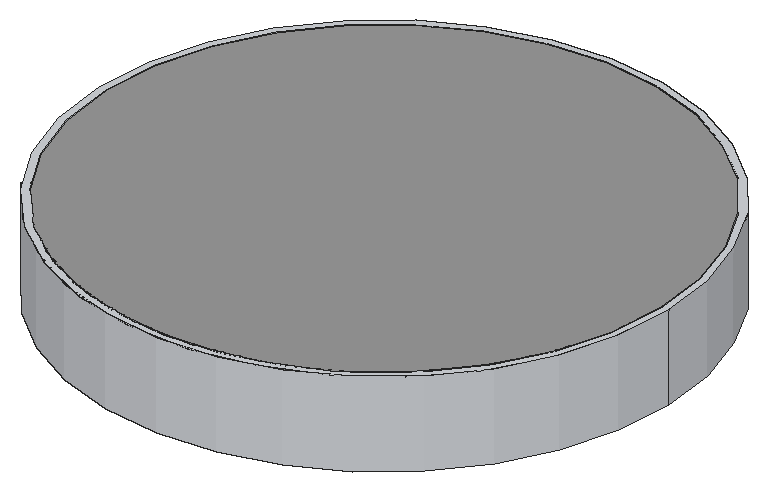
Revit family "2071107", category Lighting Fixtures, host Face, Revit 2018
Family settings
  Host = Face
  Round Connector Dimension = Use Diameter
  Part Type = Normal
  OmniClass Number = 23.80.70.00
  OmniClass Title = Lighting
  Cut with Voids When Loaded = No
  Light Source = Yes
  Shared = No
  Room Calculation Point = No
Parameters (values of type "2071107 COLOSSAL 400 830 PR DIR WHT EM")
  iner diameter = 390 mm
  Weight = "n/a"
  Wattage Comments = ""
  Wattage = 30 W
  WarrantyStartDate [instance] = "n/a"
  WarrantyGuarantorParts = "n/a"
  WarrantyDurationUnit = "n/a"
  WarrantyDurationParts = ""
  WarrantyDescription = "http://www.sylvania-lighting.com"
  built-in parameter 1150110 = 1 (stored number, unit not read)
  Voltage = 230 V
  URL = "0.93"
  TypeName = "COLOSSAL 400mm 830 PRISM DIR WHITE EM"
  Type Image = <None>
  Type Comments = "n/a"
  built-in parameter 1114217 = 1 (stored number, unit not read)
  Tilt Angle = -90.00°
  built-in parameter 1150109 = 1 (stored number, unit not read)
  built-in parameter 1150134 = (empty or 0)
  built-in parameter 1150113 = 1 (stored number, unit not read)
  SerialNumber [instance] = "n/a"
  Photometric Web File = "2071107.ies"
  Material_3_SYL = LED-Sylvania
  PowerFactor = 0
  PowerConsumption = "Lighting"
  NominalLength = 400 mm
  NominalHeight = 93 mm
  NominalDepth = 400 mm
  Name = "COLOSSAL 400mm 830 PRISM DIR WHITE EM"
  ModelReference = Name  # "COLOSSAL 400mm 830 PRISM DIR WHITE EM"
  ModelNumber = "2071107"
  Model = Name  # "COLOSSAL 400mm 830 PRISM DIR WHITE EM"
  Material = "Feilo Sylvania"
  ManufacturerName = "113 lm/W"
  Manufacturer = ""
  LuminousEfficacy = ""
  built-in parameter 1150105 = 270.44 (stored number, unit not read)
  Lumens = 3398.4 lm
  LuminaireType = "0"
  built-in parameter 1150115 = 1 (stored number, unit not read)
  LightOutputRatio = "LED"
  built-in parameter 1150137 = (empty or 0)
  built-in parameter 1150139 = (empty or 0)
  LampsType = Lamp  # "n/a"
  LampNominalLuminous = "3000 K"
  LampMacAdamStep = "80"
  LampColourTemperature = "LED"
  LampColourRenderingIndex = "16500"
  built-in parameter 1150112 = 1 (stored number, unit not read)
  built-in parameter 1150114 = 1 (stored number, unit not read)
  Lamp = "n/a"
  Keynote = "n/a"
  InstallationDate [instance] = "n/a"
  InputVoltage = "0"
  InputNominalFrequency = "3000"
  built-in parameter 1150132 = (empty or 0)
  built-in parameter 1150102 = (empty or 0)
  built-in parameter 1150107 = 3000 (stored number, unit not read)
  built-in parameter 1150138 = (empty or 0)
  IngressProtection = "IfcLightFixtureType"
  ImpactProtectionIndex = "IfcLightFixtureType"
  built-in parameter 1150106 = 2.7044 (stored number, unit not read)
  IfcExportType = "IfcLightFixtureType"
  IfcExportAs = "Class I"
  Emit from Circle Diameter = 385 mm
  Emit Shape Visible in Rendering = no
  ElectricShockClassification = "113"
  built-in parameter 1150104 = 10.524 (stored number, unit not read)
  DocumentationLiterature = "http://www.sylvania-lighting.com/product/en-int/products/2071107"
  DimmingControlOptions = "n/a"
  Material_2_SYL = Polycarbonate_Sylvania_White
  Dimming Lamp Color Temperature Shift = <None>
  Description = "400mm diameter circular architectural luminaire, can be surface mounted or suspended. Powder coated aluminium housing (RAL9016) with PMMA prismatic diffuser. Direct light distribution, 1845lm luminuous flux, 16.4W system power, 113lm/W luminiaire efficacy. Constant current driver. 3 hours integrated emergency. Colour rendering index Ra >80, 3000K Warm White LED, chromaticity tolerance of 3-step MacAdam ellipse. IP40, IK03. 350mA drive current. UGR≤19. Electrical protection Class1, 220-240V. Reported lifetime 66k hours L90B10."
  Default Elevation = 1219.2 mm
  CreatedOn = "22/03/2022"
  CreatedBy = "@sylvania-lighting.com"
  Cost = 0
  Color Filter = 16777215
  built-in parameter 1114216 [instance] = (empty or 0)
  ClassificationValue = "EF_70_80"
  ClassificationName = "Uniclass2015"
  Material_1_SYL = Polycarbonate_Sylvania_Opal
  BarCode [instance] = "n/a"
  built-in parameter 1114218 = 1 (stored number, unit not read)
  built-in parameter 1150133 = 10 (stored number, unit not read)
  AssetType = "Fixed"
  AssetIdentifier [instance] = "n/a"
  Assembly Code = "D5020200"
  Apparent Load = 16.4 VA
  Material_4_SYL = none
Reference planes
  plane 1 "Center (Front/Back)": y = 0
  plane 2: z = 0
  plane 3 "Center (Left/Right)": x = 0
  plane 4: x = -200
  plane 5: x = 200
  plane 6: y = 200
  plane 7: y = -200
  plane 8: y = 236
  plane 9: y = -236
  plane 10: z = 93
  plane 11: y = 195
  plane 12: y = -195
  plane 13: y = 90.5
  plane 14: y = 144.5
  plane 15: through (52.25, 90.5, 1219.2) normal (0.866, 0.5, 0)
  plane 16: through (52.25, 90.5, 1219.2) normal (0.866, 0.5, 0)
  plane 17: through (63.706, 126.657, 1219.2) normal (0.866, 0.5, 0)
  plane 18: through (-104.5, 0, 1219.2) normal (-0.866, 0.5, 0)
  plane 19: through (-142.394, -9.633, 1219.2) normal (-0.866, 0.5, 0)
  plane 20: y = -90.5
  plane 21: y = -118.5
  plane 22: through (85.371, -141.133, 1219.2) normal (-0.866, 0.5, 0)
  plane 23: through (52.25, -90.5, 1219.2) normal (-0.866, 0.5, 0)
  plane 24: through (-161.658, 0, 1219.2) normal (0.866, 0.5, 0)
  plane 25: through (-172.12, 9.121, 1219.2) normal (0.866, 0.5, 0)
  plane 26: through (-104.5, 0, 1219.2) normal (0.866, 0.5, 0)
Forms (mm)
  Extrusion 1, solid, detail levels medium+fine
    sketch origin (0, 0, 0) x (1, 0, 0) y (0, 1, 0)
      loop
        circle (0, 0) r 200
    from 33.023 to 93
  Extrusion 2, void
    sketch origin (0, 0, 0) x (1, 0, 0) y (0, 1, 0)
      loop
        circle (0, 0) r 195
    from 93 to 37.292
  Extrusion 3, solid, material "Glass, White, High Luminance", detail levels fine
    sketch origin (0, 0, 0) x (1, 0, 0) y (0, 1, 0)
      loop
        circle (0, 0) r 195
    from 88.026 to 93
  Extrusion 4, solid, detail levels coarse
    sketch origin (0, 0, 0) x (1, 0, 0) y (0, 1, 0)
      loop
        line (-200, 200) -> (-200, -200) -> (200, -200) -> (200, 200) -> (-200, 200)
    from 0 to 93
  Blend 5, solid, detail levels medium+fine
    base sketch origin (0, 0, 0) x (1, 0, 0) y (0, 1, 0)
      loop
        line (-52.25, 90.5) -> (-104.5, 0) -> (-52.25, -90.5) -> (52.25, -90.5) -> (104.5, 0) -> (52.25, 90.5) -> (-52.25, 90.5)
    top sketch origin (0, 0, 0) x (1, 0, 0) y (0, 1, 0)
      loop
        line (-53.405, 144.5) -> (-149.245, -21.5) -> (-93.242, -118.5) -> (98.438, -118.5) -> (151.843, -26) -> (53.405, 144.5) -> (-53.405, 144.5)
    from 0 to 33.023
Cuts and joins
  Extrusion 2 cuts Extrusion 1
Dimensions and locks
  "NominalDepth": plane 6 to plane 7
  "NominalLength": plane 4 to plane 5
  equal spacing: plane 4, plane 3 "Center (Left/Right)", plane 5
  "iner diameter": plane 11 to plane 12
  equal spacing: plane 11, plane 1 "Center (Front/Back)", plane 12
  equal spacing: plane 6, plane 1 "Center (Front/Back)", plane 7
  "NominalHeight": plane 10 to level
  plane 19 to plane 18 = 28 mm
  radius of Extrusion 2 sketch curve = 195 mm
  aligned and locked: plane 2 to host face
  aligned and locked: level to host face
Automatic sketch dimensions
  host sketch curve to host sketch curve = 2438.4 mm  (x2)
  plane 1 "Center (Front/Back)" to Extrusion 1 sketch curve = 0 mm
  Extrusion 1 sketch curve to plane 3 "Center (Left/Right)" = 0 mm
  plane 1 "Center (Front/Back)" to Extrusion 2 sketch curve = 0 mm
  Extrusion 2 sketch curve to plane 3 "Center (Left/Right)" = 0 mm
  plane 1 "Center (Front/Back)" to Extrusion 3 sketch curve = 0 mm
  Extrusion 3 sketch curve to plane 3 "Center (Left/Right)" = 0 mm
  Extrusion 4 sketch curve to plane 4 = 0 mm
  Extrusion 4 sketch curve to plane 5 = 0 mm
  Extrusion 4 sketch curve to plane 7 = 0 mm
  Extrusion 4 sketch curve to plane 6 = 0 mm
  Blend 5 sketch curve to plane 19 = 0 mm  (x2)
  Blend 5 sketch curve to plane 24 = 0 mm  (x2)
  Blend 5 sketch curve to plane 21 = 0 mm
  Blend 5 sketch curve to plane 14 = 0 mm
  Blend 5 sketch curve to plane 17 = 0 mm  (x2)
  Blend 5 sketch curve to plane 22 = 0 mm  (x2)
  radius of Extrusion 1 sketch curve = 200 mm
  radius of Extrusion 3 sketch curve = 195 mm
Connectors
  electrical at (0, 0, 0), driven by "Apparent Load", driven by "PowerFactor", driven by "Voltage"
    settings: index 1, voltage 230 V, apparent load 16.4 VA, apparent load phase1 0 VA, apparent load phase2 0 VA, apparent load phase3 0 VA, power factor 0, load classification "Lighting", number of poles 1, system type 30, power factor state 1, is connector primary yes, connector utility no, sub classification motor no, connector description ""
